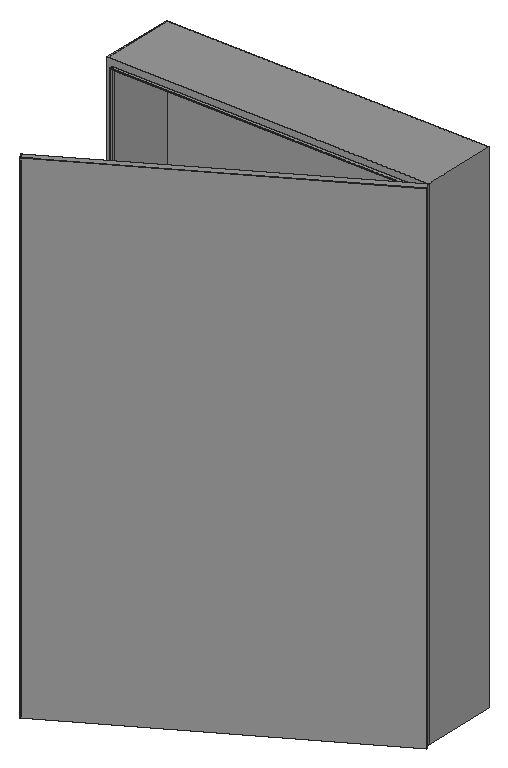
Revit family "Hager-Univers-IP54-D205-H1250-Cl.II-Encl-NoHosted-DE-de", category Equipement électrique, Revit 2020
Family settings
  Configuration du panneau = Deux colonnes, circuits au sein
  Cote de connecteur circulaire = Utiliser le diamètre
  Type d'élément = Tableau de raccordement
  Basée sur le plan de construction = Oui
  Toujours verticalement = Oui
  Couper avec des vides une fois chargée = Non
  Partagée = Non
  Point de calcul de pièce = Non
Parameters (values of type "Aufputz IP54 B800 H1250 T205  - FP83SW2")
  Width Control [instance] = if([EF000008 - Breite] > Min Width, [EF000008 - Breite], Min Width)  # 800 mm
  Commentaires du type = [HG000003 - Bereich]  # "Univers"
  Thickness Door [instance] = if([EF009171 - Materialstärke Tür/Deckel] > 3 mm, 3 mm, [EF009171 - Materialstärke Tür/Deckel])  # 1 mm
  Seal Frame Offset [instance] = 17 mm  # constant formula
  Plinth Visibility [instance] = [HG000027 - Sockelhöhe] > 0 mm  # no
  Min Width [instance] = 100 mm  # constant formula
  Min Depth [instance] = (2 * [EF009170 - Materialstärke Gehäuse]) + 1 mm  # 3 mm
  Min Height [instance] = 100 mm  # constant formula
  Internal Frame Depth [instance] = (Door System Depth * 0.5)  # 9 mm
  Panel Name [instance] = ""  # (empty or 0)
  Model = ""
  HG000027 - Sockelhöhe = 0 mm
  HG000026 - Stehend auf dem Boden = no
  HG000024 - Höhe des unteren Teils = 600 mm
  HG000023 - Gehäuse mit doppeltem Querschnitt = no
  HG000016 - 3D-Türsichtbarkeit [instance] = yes
  HG000015 - Sichtbarkeit der Türöffnung [instance] = no
  HG000014 - Tür rechts [instance] = yes
  HG000013 - Tür links [instance] = not([HG000014 - Tür rechts])  # no
  HG000012 - Türschwenkwinkel [instance] = 30.00°
  HG000010 - Asymmetrische Türen = no
  HG000009 - Doppelflügeligen Tür = no
  HG000006 - Unterputz = no
  HG000004 - Herstellerreferenz = "FP83SW2"
  HG000003 - Bereich = "Univers"
  HG000002 - Mit tür = yes
  Frame Offset Bottom [instance] = 10 mm  # constant formula
  Frame Offset [instance] = 15 mm  # constant formula
  EF015940 - Deckel mit Überdruckentlastung = no
  EF011959 - Schutzart (NEMA) = ""
  EF009554 - Anzahl der Öffnungen für Flanschplatten = 6
  EF009212 - Ausführung Deckel = "EV000116 - geschlossen"
  EF009171 - Materialstärke Tür/Deckel = 1 mm
  EF009170 - Materialstärke Gehäuse = 1 mm
  EF008873 - Nennstrom (In) = 250 A
  EF007800 - Geeignet für Blitzschutz = no
  EF006306 - Mit Schloss = no
  EF006244 - Transparenter Deckel/Tür = no
  EF005474 - Schutzart (IP) = "EV006419 - IP54"
  EF004464 - Art der Tür = "EV002646 - Einzel"
  EF004427 - Anzahl der Module = 288
  EF004293 - Schlagfestigkeit = "EV006813 - IK07"
  EF003532 - Geeignet für Außengebrauch = no
  EF002950 - Breite in Teilungseinheiten = 36
  EF001613 - Funktionserhalt = "EV000494 - ohne"
  EF001596 - Werkstoff des Gehäuses = "EV000179 - Stahl"
  EF001131 - Innentiefe = 130 mm
  EF001088 - Anbaumöglichkeit = yes
  EF000437 - Anzahl der Leitungseinführungen = 6
  EF000339 - Art der Abdeckung = "EV004216 - Tür"
  EF000266 - Anzahl der Reihen = 8
  EF000218 - Einbautiefe = 205 mm
  EF000118 - Mit Montageplatte = no
  EF000116 - RAL-Nummer = "9010"
  EF000049 - Tiefe = 205 mm
  EF000040 - Höhe = 1250 mm
  EF000008 - Breite = 800 mm
  EF000007 - Farbe = "EV000202 - weiß"
  EF000003 - Montageart = "EV000384 - Aufputz"
  Door System Leaf Tolerance [instance] = 1.5 mm  # constant formula
  Door System Depth [instance] = 18 mm  # constant formula
  Door Height [instance] = Height Control - [HG000027 - Sockelhöhe]  # 1250 mm
  Description = ""
  Default Elevation = 1219.2 mm
  Connector Offset [instance] = Height Control / 2  # 625 mm
  Fabricant = "Hager"  # constant formula
  Height Control [instance] = if([EF000040 - Höhe] > Min Height, [EF000040 - Höhe], Min Height)  # 1250 mm
  Depth Control [instance] = if([EF000049 - Tiefe] > Min Depth, [EF000049 - Tiefe], Min Depth)  # 205 mm
  Bottom Top Plate Trim [instance] = 1.5 mm  # constant formula
  Plinth height Ctrl [instance] = if([HG000027 - Sockelhöhe] > 0 mm, [HG000027 - Sockelhöhe], 12 mm)  # 12 mm
Types (5, lengths in mm): name | Width Control | HG000010 - Asymmetrische Türen | HG000009 - Doppelflügeligen Tür | HG000004 - Herstellerreferenz | EF009554 - Anzahl der Öffnungen für Flanschplatten | EF004464 - Art der Tür | EF004427 - Anzahl der Module | EF004293 - Schlagfestigkeit | EF002950 - Breite in Teilungseinheiten | EF000437 - Anzahl der Leitungseinführungen | EF000008 - Breite
  Aufputz IP54 B1050 H1250 T205  - FP84SW2 | 1050 | no | yes | "FP84SW2" | 8 | "EV003602 - Doppel" | 384 | "EV006815 - IK09" | 48 | 8 | 1050
  Aufputz IP54 B1300 H1250 T205  - FP85SW2 | 1300 | yes | yes | "FP85SW2" | 10 | "EV003602 - Doppel" | 480 | "EV006815 - IK09" | 60 | 10 | 1300
  Aufputz IP54 B300 H1250 T205  - FP81SW2 | 300 | no | no | "FP81SW2" | 2 | "EV002646 - Einzel" | 96 | "EV006815 - IK09" | 12 | 2 | 300
  Aufputz IP54 B550 H1250 T205  - FP82SW2 | 550 | no | no | "FP82SW2" | 4 | "EV002646 - Einzel" | 192 | "EV006815 - IK09" | 24 | 4 | 550
  Aufputz IP54 B800 H1250 T205  - FP83SW2 | 800 | no | no | "FP83SW2" | 6 | "EV002646 - Einzel" | 288 | "EV006813 - IK07" | 36 | 6 | 800
Reference planes
  plane 1 "Center (Front/Back)": y = 0
  plane 2: z = 0
  plane 3 "Center (Left/Right)": x = 0
  plane 4: y = 0
  plane 5: y = 0
  plane 6: z = 0
  plane 7: x = -400
  plane 8: x = 400
  plane 9: x = 399
  plane 10: x = -399
  plane 11: z = 0
  plane 12: z = 1
  plane 13: y = -205
  plane 14: y = -1
  plane 15: x = 0
  plane 16: y = -187
  plane 17: y = -204
  plane 18: y = -186
  plane 19: x = -384
  plane 20: x = 384
  plane 21: z = 11
  plane 22: x = -383
  plane 23: x = 383
  plane 24: z = 0
  plane 25: z = 1250
  plane 26: z = 1250
  plane 27: z = 1234
  plane 28: z = 1249
Forms (mm)
  Extrusion 1, solid, material "Hager_Steel_RAL7035_Light_Grey", detail levels medium+fine
    sketch origin (-208.679, -4572, 0) x (-1, 0, 0) y (0, -1, 0)
      loop
        line (191.321, -4385) -> (-608.679, -4385) -> (-608.679, -4572) -> (191.321, -4572) -> (191.321, -4385)
    from 0 to 1250
  Extrusion 2, void
    sketch origin (-350.771, -205, 1219.2) x (1, 0, 0) y (0, 0, 1)
      loop
        line (-48.229, 29.8) -> (-48.229, -1218.2) -> (749.771, -1218.2) -> (749.771, 29.8) -> (-48.229, 29.8)
    from -19 to -204
  Extrusion 3, void
    sketch origin (-290.084, -187, 1219.2) x (1, 0, 0) y (0, 0, 1)
      loop
        line (-93.916, -1208.2) -> (674.084, -1208.2) -> (674.084, 14.8) -> (-93.916, 14.8) -> (-93.916, -1208.2)
    from 0 to -1
  Extrusion 4, solid, material "Hager_Steel_RAL7035_Light_Grey", visible <- "Plinth Visibility", detail levels medium+fine
    sketch origin (0, 0, 0) x (1, 0, 0) y (0, 1, 0)
      loop
        line (-400, 0) -> (-400, -187) -> (400, -187) -> (400, 0) -> (-400, 0)
    from 0 to 12 <- "Plinth height Ctrl"
  Extrusion 5, solid, material "Hager_Steel_RAL7035_Light_Grey", detail levels coarse
    sketch origin (0, 0, 0) x (1, 0, 0) y (0, 1, 0)
      loop
        line (-400, 0) -> (-400, -205) -> (400, -205) -> (400, 0) -> (-400, 0)
    from 0 to 1250 <- "Height Control"
  Sweep 6, void
    path in 3D
      loop
        line (-400, -187, 12) -> (400, -187, 12) -> (400, 0, 12) -> (-400, 0, 12) -> (-400, -187, 12)
    profile origin (-400, -93.5, 12) x (1, 0, 0) y (0, 0, 1)
      loop
        line (0, 0) -> (0, -1.5) -> (1.5, -1.5)
        arc (1.5, -1.5) -> (1.061, -0.439) -> (0, 0) r 1.5
  Extrusion 7, solid, material "Hager_Steel_RAL7035_Light_Grey", detail levels fine
    sketch origin (-400, -187, 0) x (1, 0, 0) y (0, 0, 1)
      loop
        line (16, 11) -> (784, 11) -> (784, 1234) -> (16, 1234) -> (16, 11)
      loop
        line (15, 10) -> (785, 10) -> (785, 1235) -> (15, 1235) -> (15, 10)
    from 0 to 9 <- "Internal Frame Depth"
Cuts and joins
  Extrusion 2, Extrusion 3 cuts Extrusion 1
  Sweep 6 cuts Extrusion 4
Lines and regions (mm)
  Masking region 1
    outline origin (0, 0, 0) x (1, 0, 0) y (0, 1, 0)
      loop
        line (-400, 0) -> (-400, -205) -> (400, -205) -> (400, 0) -> (-400, 0)
  Masking region 2, detail levels coarse
    outline origin (-290.084, -187, 1219.2) x (-1, 0, 0) y (0, 0, 1)
      loop
        line (-690.084, -1219.2) -> (109.916, -1219.2) -> (109.916, 30.8) -> (-690.084, 30.8) -> (-690.084, -1219.2)
  Masking region 3, detail levels coarse
    outline origin (0, 0, 0) x (0, 1, 0) y (0, 0, 1)
      loop
        line (0, 0) -> (0, 1250) -> (-205, 1250) -> (-205, 0) -> (0, 0)
  Masking region 4, visible <- "Plinth Visibility", detail levels medium+fine
    outline origin (0, 0, 0) x (0, 1, 0) y (0, 0, 1)
      loop
        line (-1.5, 12) -> (-185.5, 12)
        arc (-185.5, 12) -> (-185.939, 10.939) -> (-187, 10.5) r 1.5
        line (-187, 10.5) -> (-187, 0) -> (0, 0) -> (0, 10.5)
        arc (0, 10.5) -> (-1.061, 10.939) -> (-1.5, 12) r 1.5
  Masking region 5, detail levels medium+fine
    outline origin (0, 0, 594.038) x (0, 1, 0) y (0, 0, 1)
      loop
        line (0, -594.038) -> (0, 655.962) -> (-187, 655.962) -> (-187, -594.038) -> (0, -594.038)
  Masking region 6, detail levels medium+fine
    outline origin (-359.7, -187, 1211.883) x (-1, 0, 0) y (0, 0, 1)
      loop
        line (-759.7, -1211.883) -> (40.3, -1211.883) -> (40.3, 38.117) -> (-759.7, 38.117) -> (-759.7, -1211.883)
  Masking region 7, visible <- "Plinth Visibility", detail levels medium+fine
    outline origin (-320.334, -187, 1041.368) x (-1, 0, 0) y (0, 0, 1)
      loop
        line (-720.334, -1041.368) -> (79.666, -1041.368) -> (79.666, -1030.868)
        arc (79.666, -1030.868) -> (78.606, -1030.429) -> (78.166, -1029.368) r 1.5
        line (78.166, -1029.368) -> (-718.834, -1029.368)
        arc (-718.834, -1029.368) -> (-719.273, -1030.429) -> (-720.334, -1030.868) r 1.5
        line (-720.334, -1030.868) -> (-720.334, -1041.368)
  sketch lines
    curve 1: line (-400, 0, 12) -> (-400, -187, 12)
    curve 2: line (-400, -187, 12) -> (400, -187, 12)
    curve 3: line (400, 0, 12) -> (-400, 0, 12)
    curve 4: line (400, -187, 12) -> (400, 0, 12)
Dimensions and locks
  locked: plane 1 "Center (Front/Back)" to plane 5
  "EF009170 - Materialstärke Gehäuse": plane 7 to plane 10
  "EF009170 - Materialstärke Gehäuse": plane 8 to plane 9
  equal spacing: plane 7, plane 3 "Center (Left/Right)", plane 8
  "Width Control": plane 7 to plane 8
  "Depth Control": plane 4 to plane 13
  "EF009170 - Materialstärke Gehäuse": plane 4 to plane 14
  "Height Control": plane 25 to level
  "HG000027 - Sockelhöhe": plane 11 to level
  "EF009170 - Materialstärke Gehäuse": plane 12 to plane 11
  "EF009170 - Materialstärke Gehäuse": plane 17 to plane 13
  "EF009170 - Materialstärke Gehäuse": plane 18 to plane 16
  "Frame Offset Bottom": plane 21 to plane 12
  "Frame Offset": plane 10 to plane 19
  "Frame Offset": plane 9 to plane 20
  "Door System Depth": plane 16 to plane 13
  "Seal Frame Offset": plane 7 to plane 22
  "Seal Frame Offset": plane 8 to plane 23
  "EF009170 - Materialstärke Gehäuse": plane 26 to plane 28
  "Frame Offset": plane 28 to plane 27
  "Connector Offset": plane 2 to connector elem
  "Bottom Top Plate Trim": profile plane to Sweep 6 sketch curve
  "Bottom Top Plate Trim": Sweep 6 sketch curve to Sweep 6 sketch curve
  "Plinth height Ctrl": Masking region 4 sketch curve to level
  "Plinth height Ctrl": Masking region 7 sketch curve to level
  "Thickness Door": Extrusion 7 sketch curve to Extrusion 7 sketch curve  (x4)
  "Bottom Top Plate Trim": radius of Sweep 6 sketch curve
  "Bottom Top Plate Trim": radius of Masking region 4 sketch curve  (x2)
  "Bottom Top Plate Trim": radius of Masking region 7 sketch curve  (x2)
  aligned and locked: Extrusion 2 sketch curve to plane 12
  aligned and locked: Extrusion 2 sketch curve to plane 9
  aligned and locked: Extrusion 2 sketch curve to plane 10
  aligned and locked: Extrusion 2 to plane 14
  aligned and locked: Extrusion 1 sketch curve to plane 4
  aligned and locked: plane 8 to Extrusion 1 sketch curve
  aligned and locked: plane 7 to Extrusion 1 sketch curve
  aligned and locked: Extrusion 2 to plane 18
  aligned and locked: Extrusion 3 sketch curve to plane 19
  aligned and locked: plane 20 to Extrusion 3 sketch curve
  aligned and locked: Extrusion 3 to Extrusion 2
  aligned and locked: Extrusion 3 sketch curve to plane 21
  aligned and locked: plane 3 "Center (Left/Right)" to nested 1
  aligned and locked: Extrusion 1 sketch curve to plane 16
  aligned and locked: Extrusion 4 sketch curve to cut or joined group of Extrusion 1, Extrusion 2, Extrusion 3
  aligned and locked: Masking region 1 sketch curve to plane 7
  aligned and locked: Masking region 1 sketch curve to plane 5
  aligned and locked: Masking region 1 sketch curve to plane 8
  aligned and locked: Masking region 2 sketch curve to level
  aligned and locked: level to Masking region 3 sketch curve
  aligned and locked: plane 1 "Center (Front/Back)" to Masking region 3 sketch curve
  aligned and locked: plane 13 to Masking region 3 sketch curve
  aligned and locked: plane 5 to Masking region 4 sketch curve
  aligned and locked: Masking region 2 sketch curve to plane 8
  aligned and locked: Masking region 2 sketch curve to plane 7
  aligned and locked: plane 7 to nested 2
  aligned and locked: nested 2 to plane 5
  aligned and locked: plane 5 to Masking region 5 sketch curve
  aligned and locked: plane 26 to Masking region 5 sketch curve
  aligned and locked: Extrusion 5 sketch curve to plane 8
  aligned and locked: Extrusion 5 sketch curve to plane 7
  aligned and locked: Extrusion 5 sketch curve to plane 5
  aligned and locked: Extrusion 3 sketch curve to plane 27
  aligned and locked: Extrusion 2 sketch curve to plane 28
  aligned and locked: Masking region 2 to plane 25
  aligned and locked: Extrusion 4 to plane 16
  aligned and locked: profile plane to Sweep 6 sketch curve
  aligned and locked: Masking region 5 sketch curve to plane 24
  aligned and locked: level to Masking region 4 sketch curve
  aligned and locked: Masking region 1 to plane 13
  aligned and locked: nested 1 to plane 16
  aligned and locked: Masking region 3 to plane 25
  aligned and locked: plane 16 to Masking region 4 sketch curve
  aligned and locked: Masking region 5 sketch curve to plane 16
  aligned and locked: plane 24 to plane 11
  aligned and locked: plane 26 to plane 25
  aligned and locked: plane 26 to cut or joined group of Extrusion 1, Extrusion 2, Extrusion 3
  aligned and locked: nested 1 to plane 24
  aligned and locked: Extrusion 1 to Extrusion 3
  aligned and locked: Masking region 6 sketch curve to plane 8
  aligned and locked: Masking region 6 sketch curve to plane 24
  aligned and locked: Masking region 6 sketch curve to plane 7
  aligned and locked: Masking region 6 sketch curve to plane 26
  aligned and locked: Masking region 7 sketch curve to plane 7
  aligned and locked: level to Masking region 7 sketch curve
  aligned and locked: Masking region 7 sketch curve to plane 8
  aligned and locked: Extrusion 7 sketch curve to cut or joined group of Extrusion 1, Extrusion 2, Extrusion 3  (x4)
Automatic sketch dimensions
  plane 19 to Extrusion 3 sketch curve = 0 mm
  Extrusion 3 sketch curve to plane 20 = 0 mm
  Extrusion 3 sketch curve to plane 21 = 0 mm
  Extrusion 4 sketch curve to plane 7 = 0 mm
  Extrusion 4 sketch curve to plane 8 = 0 mm
  Extrusion 4 sketch curve to plane 16 = 0 mm
  Masking region 1 sketch curve to plane 13 = 0 mm
  Masking region 2 sketch curve to plane 25 = 0 mm
  Masking region 3 sketch curve to plane 25 = 0 mm
  Extrusion 5 sketch curve to plane 13 = 0 mm
  profile plane to Sweep 6 sketch curve = 0 mm
Nested families
  nested 1: "EC000058_Univers_Door" at (0, -187, 0), Double <- "HG000009 - Doppelflügeligen Tür", Transparent <- "EF006244 - Transparenter Deckel/Tür", Angle <- "HG000012 - Türschwenkwinkel", Door_Right <- "HG000014 - Tür rechts", Assymetrical <- "HG000010 - Asymmetrische Türen", Door <- "HG000002 - Mit tür", Width_Ctrl <- "Width Control", 3d_Door <- "HG000016 - 3D-Türsichtbarkeit", Clearance <- "HG000015 - Sichtbarkeit der Türöffnung", Door_Left <- "HG000013 - Tür links", Width <- "Width Control", Door_Depth <- "Door System Depth", Leaf_Tolerance <- "Door System Leaf Tolerance", Height <- "Door Height", Lock_Visibility <- "EF006306 - Mit Schloss", Thickness <- "Thickness Door", type "EC000058_Univers_Door", detail levels medium+fine
    with min_wh 3 mm, Width_Ctrl 800 mm, Width 800 mm, Transparent no, Thickness 1 mm, Seal_Material Hager_Rubber, Lock_Visibility no, Lock_Material Hager_Plastic_RAL9005_Jet_Black, Leaf_Width 800 mm, Leaf_Tolerance_External_Sides 0 mm, Leaf_Tolerance 1.5 mm, Leaf_Offset 0 mm, Leaf_Height 1247 mm, Leaf_2_Width 800 mm, Leaf_2_Offset 400 mm, Leaf_1_Width 800 mm, Leaf_1_Offset 400 mm, Height_Ctrl 1250 mm, Height 1250 mm, Glass_Material Hager_Glass, Double_Clearance_Ctrl no, Double no, Door_Right_Ctrl yes, Door_Right yes, Door_Material Hager_Steel_RAL7035_Light_Grey, Door_Left_Ctrl no, Door_Left no, Door_Depth 18 mm, Door yes, Clearance_Material Hager_Clearance, Clearance_Depth 800 mm, Clearance_Ctrl no, Clearance no, Assymetrical no, Angle 30.00°, 3d_Door yes
  nested 2: "Hager_Enclosure_Symbol" at (-400, 0, 0), Height <- "Depth Control", Width <- "Width Control", type "Hager_Enclosure_Symbol"
    with Width_Ctrl 800 mm, Width 800 mm, Height_Ctrl 205 mm, Height 205 mm, A_Width_Int 13.453 mm, A_Width 161.438 mm, A_Height_Ctrl 179.375 mm, A_Height 179.375 mm
Connectors
  electrical at (0, 0, 625)
    settings: on plane 1 "Center (Front/Back)", index 1, voltage 0 V, apparent load 0 VA, apparent load phase1 0 VA, apparent load phase2 0 VA, apparent load phase3 0 VA, power factor 1, load classification "Other", number of poles 1, system type 30, power factor state 1, is connector primary yes, connector utility no, sub classification motor no, connector description ""
Definition of nested family "EC000058_Univers_Door"
  Parameters (values of type "EC000058_Univers_Door")
    min_wh [instance] = (2 * Thickness) + 1 mm  # 11 mm
    Width_Ctrl [instance] = 400 mm
    Width [instance] = 500 mm
    Transparent [instance] = yes
    Thickness [instance] = 5 mm
    Seal_Material [instance] = none
    Lock_Visibility [instance] = yes
    Lock_Material [instance] = none
    Leaf_Width [instance] = if((Width_Ctrl - 2 * Leaf_Tolerance_External_Sides) > 0 mm, (Width_Ctrl - 2 * Leaf_Tolerance_External_Sides), min_wh)  # 400 mm
    Leaf_Tolerance_External_Sides [instance] = 0 mm  # constant formula
    Leaf_Tolerance [instance] = 1.5 mm
    Leaf_Offset [instance] = 0 mm  # constant formula
    Leaf_Height [instance] = if((Height_Ctrl - 2 * Leaf_Tolerance) > 0 mm, (Height_Ctrl - 2 * Leaf_Tolerance), min_wh)  # 497 mm
    Leaf_2_Width [instance] = if(and(and(Double, Assymetrical), Door_Left), (Leaf_Width / 3) - (Leaf_Tolerance / 2), if(and(and(Double, Assymetrical), Door_Right), (Leaf_Width / 3) * 2 - (Leaf_Tolerance / 2), if(and(Double, not(Assymetrical)), (Leaf_Width / 2) - Leaf_Tolerance, Leaf_Width)))  # 400 mm
    Leaf_2_Offset [instance] = if(and(Double, Assymetrical), Leaf_2_Width / 2, if(and(Double, not(Assymetrical)), Leaf_Width / 4, Leaf_Width / 2))  # 200 mm
    Leaf_1_Width [instance] = if(and(and(Double, Assymetrical), Door_Right), (Leaf_Width / 3) - (Leaf_Tolerance / 2), if(and(and(Double, Assymetrical), Door_Left), (Width / 3) * 2 - (Leaf_Tolerance / 2), if(and(Double, not(Assymetrical)), (Leaf_Width / 2) - Leaf_Tolerance, Leaf_Width)))  # 400 mm
    Leaf_1_Offset [instance] = if(and(Double, Assymetrical), Leaf_1_Width / 2, if(and(Double, not(Assymetrical)), Leaf_Width / 4, Leaf_Width / 2))  # 200 mm
    Height_Ctrl [instance] = if(Height > min_wh, Height, min_wh)  # 500 mm
    Height [instance] = 500 mm
    Glass_Material [instance] = none
    Double_Clearance_Ctrl [instance] = and(Double, Clearance)  # no
    Double [instance] = no
    Door_Right_Ctrl [instance] = and(or(Door_Right, Double), Door)  # yes
    Door_Right [instance] = yes
    Door_Material [instance] = none
    Door_Left_Ctrl [instance] = and(or(Door_Left, Double), Door)  # no
    Door_Left [instance] = no
    Door_Depth [instance] = 30 mm
    Door [instance] = yes
    Default Elevation = 1219.2 mm
    Clearance_Material [instance] = none
    Clearance_Depth [instance] = if(Leaf_1_Width > Leaf_2_Width, Leaf_1_Width, Leaf_2_Width)  # 400 mm
    Clearance_Ctrl [instance] = and(not(Double), Clearance)  # yes
    Clearance [instance] = yes
    Assymetrical [instance] = yes
    Angle [instance] = 30.00°
    3d_Door [instance] = yes
  Reference planes
    plane 1 "Center (Front/Back)": y = 0
    plane 2 "Bottom": z = 0
    plane 3 "Center (Left/Right)": x = 0
    plane 4: z = 500
    plane 5: x = -200
    plane 6: x = 200
    plane 7: z = 500
    plane 8: x = -200
    plane 9: z = 0
    plane 10: x = 200
    plane 11: y = 0
    plane 12: z = 1.5
    plane 13: x = -600
    plane 14: y = -400
    plane 15: x = 600
    plane 16: x = 0
    plane 17: x = 0
    plane 18: x = -200
    plane 19: x = 200
    plane 20: z = 498.5
  Forms (mm)
    Extrusion 1, solid, material <- "Clearance_Material", visible <- "Double_Clearance_Ctrl"
      sketch origin (1200, 0, 0) x (1, 0, 0) y (0, 0, -1)
        loop
          line (-1800, -498.5) -> (-600, -498.5) -> (-600, 0) -> (-1800, 0) -> (-1800, -498.5)
      from 0 to -400
  Dimensions and locks
    equal spacing: plane 5, plane 3 "Center (Left/Right)", plane 6
    "Width_Ctrl": plane 5 to plane 6
    "Leaf_Offset": plane 5 to plane 8
    "Leaf_Offset": plane 6 to plane 10
    "Leaf_Offset": plane 9 to level
    "Leaf_Offset": plane 4 to plane 7
    "Height_Ctrl": plane 4 to level
    "Leaf_Tolerance": plane 12 to plane 9
    locked: plane 11 to plane 1 "Center (Front/Back)"
    "Leaf_1_Offset": plane 18 to plane 16
    "Leaf_2_Offset": plane 17 to plane 19
    "Leaf_1_Width": plane 13 to plane 8
    "Leaf_2_Width": plane 10 to plane 15
    "Clearance_Depth": plane 14 to plane 1 "Center (Front/Back)"
    "Leaf_Tolerance_External_Sides": plane 8 to plane 18
    "Leaf_Tolerance_External_Sides": plane 19 to plane 10
    "Leaf_Tolerance": plane 7 to plane 20
    aligned and locked: level to plane 2 "Bottom"
    aligned and locked: nested 1 to plane 16
    aligned and locked: nested 2 to plane 17
    aligned and locked: Extrusion 1 to plane 13
    aligned and locked: plane 15 to Extrusion 1
    aligned and locked: Extrusion 1 to plane 14
    aligned and locked: plane 12 to nested 1
    aligned and locked: nested 2 to plane 12
    aligned and locked: Extrusion 1 to plane 11
    aligned and locked: plane 20 to Extrusion 1
    aligned and locked: nested 2 to plane 11
    aligned and locked: nested 1 to plane 11
  Automatic sketch dimensions
    Extrusion 1 sketch curve to level = 0 mm
    plane 5 to Extrusion 1 sketch curve = 400 mm
    plane 6 to Extrusion 1 sketch curve = 400 mm
    Extrusion 1 sketch curve to plane 4 = 1.5 mm
  Nested families
    nested 1: "EC000058_Univers_Door_Leaf" at (0, 0, 1.5), Width <- "Leaf_1_Width", visible <- "Door_Left_Ctrl", Leaf_Height <- "Leaf_Height", Angle <- "Angle", 3d_Door <- "3d_Door", Transparent <- "Transparent", Clearance Material <- "Clearance_Material", Clearance <- "Clearance_Ctrl", Door_Material <- "Door_Material", Glass_Material <- "Glass_Material", Door_Depth <- "Door_Depth", Lock_Material <- "Lock_Material", Seal_Material <- "Seal_Material", Lock_Visibility <- "Lock_Visibility", Thickness <- "Thickness", type "EC000058_Univers_Door_Leaf"
      with Width 400 mm, Transparent_Glass_Offset 30 mm, Transparent_Ctrl yes, Transparent yes, Thickness 5 mm, Standard no, Seal_Material none, Seal_D2 8 mm, Seal_D1 1 mm, Offset_Internal_Frame 10 mm, Lock_Width 20 mm, Lock_Visibility_3d yes, Lock_Visibility yes, Lock_Thickness_3 3 mm, Lock_Thickness_2 1 mm, Lock_Thickness_1 3 mm, Lock_Radius_Offset_2 16 mm, Lock_Radius_Offset_1 15 mm, Lock_Radius_2 5 mm, Lock_Radius 6 mm, Lock_Offset 5 mm, Lock_Material none, Lock_Height 80 mm, Lock_Cover_Top_Offset_2d 17 mm, Lock_Cover_Height -65 mm, Leaf_Height 497 mm, Internal_Seal_Thickness 8 mm, Internal_Seal_Depth_2 4.5 mm, Internal_Frame_Depth 25 mm, Glass_Thickness -1 mm, Glass_Offset -2 mm, Glass_Material none, Door_Material none, Door_Depth 30 mm, Clearance Material none, Clearance yes, Angle_Ctrl 30.00°, Angle 30.00°, 3d_Door yes
    nested 2: "EC000058_Univers_Door_Leaf" at (0, 0, 1.5) x (-1, 0, 0) z (0, 0, 1), Width <- "Leaf_2_Width", visible <- "Door_Right_Ctrl", Leaf_Height <- "Leaf_Height", Angle <- "Angle", 3d_Door <- "3d_Door", Transparent <- "Transparent", Clearance Material <- "Clearance_Material", Clearance <- "Clearance_Ctrl", Door_Material <- "Door_Material", Glass_Material <- "Glass_Material", Door_Depth <- "Door_Depth", Lock_Material <- "Lock_Material", Seal_Material <- "Seal_Material", Lock_Visibility <- "Lock_Visibility", Thickness <- "Thickness", type "EC000058_Univers_Door_Leaf"
      with Width 400 mm, Transparent_Glass_Offset 30 mm, Transparent_Ctrl yes, Transparent yes, Thickness 5 mm, Standard no, Seal_Material none, Seal_D2 8 mm, Seal_D1 1 mm, Offset_Internal_Frame 10 mm, Lock_Width 20 mm, Lock_Visibility_3d yes, Lock_Visibility yes, Lock_Thickness_3 3 mm, Lock_Thickness_2 1 mm, Lock_Thickness_1 3 mm, Lock_Radius_Offset_2 16 mm, Lock_Radius_Offset_1 15 mm, Lock_Radius_2 5 mm, Lock_Radius 6 mm, Lock_Offset 5 mm, Lock_Material none, Lock_Height 80 mm, Lock_Cover_Top_Offset_2d 17 mm, Lock_Cover_Height -65 mm, Leaf_Height 497 mm, Internal_Seal_Thickness 8 mm, Internal_Seal_Depth_2 4.5 mm, Internal_Frame_Depth 25 mm, Glass_Thickness -1 mm, Glass_Offset -2 mm, Glass_Material none, Door_Material none, Door_Depth 30 mm, Clearance Material none, Clearance yes, Angle_Ctrl 30.00°, Angle 30.00°, 3d_Door yes
  Definition of nested family "EC000058_Univers_Door_Leaf"
    Parameters (values of type "EC000058_Univers_Door_Leaf")
      Width [instance] = 2000 mm
      Transparent_Glass_Offset [instance] = 30 mm
      Transparent_Ctrl [instance] = and(Transparent, [3d_Door])  # yes
      Transparent [instance] = yes
      Thickness [instance] = 5 mm
      Standard [instance] = and(not(Transparent), [3d_Door])  # no
      Seal_Material [instance] = none
      Seal_D2 [instance] = 8 mm  # constant formula
      Seal_D1 [instance] = 1 mm  # constant formula
      Offset_Internal_Frame [instance] = 10 mm  # constant formula
      Lock_Width [instance] = 20 mm  # constant formula
      Lock_Visibility_3d [instance] = and(Lock_Visibility, [3d_Door])  # yes
      Lock_Visibility [instance] = yes
      Lock_Thickness_3 [instance] = 3 mm  # constant formula
      Lock_Thickness_2 [instance] = 1 mm  # constant formula
      Lock_Thickness_1 [instance] = 3 mm  # constant formula
      Lock_Radius_Offset_2 [instance] = Lock_Radius_Offset_1 + 1 mm  # 16 mm
      Lock_Radius_Offset_1 [instance] = 15 mm  # constant formula
      Lock_Radius_2 [instance] = Lock_Radius - 1 mm  # 5 mm
      Lock_Radius [instance] = 6 mm  # constant formula
      Lock_Offset [instance] = 5 mm  # constant formula
      Lock_Material [instance] = none
      Lock_Height [instance] = 80 mm  # constant formula
      Lock_Cover_Top_Offset_2d [instance] = Lock_Radius_Offset_2 + 1 mm  # 17 mm
      Lock_Cover_Height [instance] = -(Lock_Height - Lock_Radius_Offset_1)  # -65 mm
      Leaf_Height [instance] = 2720.336 mm
      Internal_Seal_Thickness [instance] = 8 mm  # constant formula
      Internal_Seal_Depth_2 [instance] = 4.5 mm  # constant formula
      Internal_Frame_Depth [instance] = if(Door_Depth - Thickness > 5 mm, Door_Depth - Thickness, 5 mm)  # 25 mm
      Glass_Thickness [instance] = if(Thickness > 15 mm, Glass_Offset + 10 mm, -1 mm)  # -1 mm
      Glass_Offset [instance] = if(Thickness > 15 mm, -(Thickness + 10 mm) / 2, -2 mm)  # -2 mm
      Glass_Material [instance] = none
      Door_Material [instance] = none
      Door_Depth [instance] = 30 mm
      Default Elevation = 0 mm
      Clearance Material [instance] = none
      Clearance [instance] = yes
      Angle_Ctrl [instance] = if(Angle > 180.00°, 180.00°, Angle)  # 90.00°
      Angle [instance] = 90.00°
      3d_Door [instance] = yes
    Reference planes
      plane 1 "Center (Front/Back)": y = 0
      plane 2: z = 0
      plane 3 "Center (Left/Right)": x = 0
      plane 4: y = 2000
      plane 5: x = -1000
      plane 6: x = 1000
      plane 7: x = -3000
      plane 8: z = 2720.336
      plane 9: z = 30
      plane 10: z = 2690.336
      plane 11: x = 970
      plane 12: x = -970
      plane 13: y = -3
      plane 14: z = 107.833
      plane 15: y = -5
      plane 16: y = -223.314
      plane 17: x = -1000
      plane 18: z = 1360.168
      plane 19: y = 30
    Forms (mm)
      Extrusion 1, solid, material <- "Clearance Material", visible <- "Clearance"
        sketch origin (0, 0, 0) x (1, 0, 0) y (0, 0, 1)
          loop
            line (-3000, 2720.336) -> (-3000, 0) -> (1000, 0) -> (1000, 2720.336) -> (-3000, 2720.336)
        from 0 to -2000
      Extrusion 2, solid, material <- "Door_Material", visible <- "Standard", detail levels medium+fine
        sketch origin (-1000, 0, 0) x (0, 1, 0) y (-1, 0, 0)
          loop
            line (0, 30) -> (0, 25) -> (2000, 25) -> (2000, 30) -> (0, 30)
        from 0 to 2720.336 <- "Leaf_Height"
      Extrusion 3, solid, material <- "Door_Material", visible <- "Transparent_Ctrl", detail levels medium+fine
        sketch origin (-1000, 0, 0) x (0, 1, 0) y (-1, 0, 0)
          loop
            line (0, 25) -> (2000, 25) -> (2000, 30) -> (0, 30) -> (0, 25)
        from 0 to 2720.336 <- "Leaf_Height"
      Extrusion 4, void
        sketch origin (-1025, 2000, 0) x (0, 1, 0) y (0, 0, -1)
          loop
            line (-30, -2690.336) -> (-30, -30) -> (-1970, -30) -> (-1970, -2690.336) -> (-30, -2690.336)
        from 0 to 5 <- "Thickness"
      Sweep 5, solid, material <- "Seal_Material", visible <- "Transparent_Ctrl", detail levels fine
        path in 3D
          loop
            line (-1025, 30, 30) -> (-1025, 30, 2690.336) -> (-1025, 1970, 2690.336) -> (-1025, 1970, 30) -> (-1025, 30, 30)
        profile origin (-1025, 1000, 30) x (1, 0, 0) y (0, 0, 1)
          loop
            line (0, 0) -> (0, -8) -> (1, -8) -> (1, 0) -> (0, 0)
      Extrusion 6, solid, material <- "Glass_Material", visible <- "Transparent_Ctrl", detail levels medium+fine
        sketch origin (-1030, 0, 0) x (0, 1, 0) y (0, 0, -1)
          loop
            line (1970, -2690.336) -> (1970, -30) -> (30, -30) -> (30, -2690.336) -> (1970, -2690.336)
        from -2 <- "Glass_Offset" to -1 <- "Glass_Thickness"
      Extrusion 7, solid, material <- "Door_Material", visible <- "3d_Door", detail levels medium+fine
        sketch origin (-1025, 2000, 0) x (0, -1, 0) y (0, 0, -1)
          loop
            line (0, -2720.336) -> (2000, -2720.336) -> (2000, 0) -> (0, 0) -> (0, -2720.336)
          loop
            line (1995, -5) -> (5, -5) -> (5, -2715.336) -> (1995, -2715.336) -> (1995, -5)
        from 0 to 25 <- "Internal_Frame_Depth"
      Sweep 8, solid, material <- "Seal_Material", visible <- "Transparent_Ctrl", detail levels fine
        path in 3D
          loop
            line (-1025, 0, 0) -> (-1025, 2000, 0) -> (-1025, 2000, 2720.336) -> (-1025, 0, 2720.336) -> (-1025, 0, 0)
        profile origin (-1025, 0, 1360.168) x (1, 0, 0) y (0, 1, 0)
          loop
            line (0, 10) -> (2.975, 10)
            arc (2.975, 10) -> (4.053, 10.447) -> (4.5, 11.525) r 1.525
            line (4.5, 11.525) -> (4.5, 16.527)
            arc (4.5, 16.527) -> (4.069, 17.569) -> (3.027, 18) r 1.473
            line (3.027, 18) -> (0, 18) -> (0, 10)
      Extrusion 9, solid, material <- "Lock_Material", visible <- "Lock_Visibility_3d", detail levels fine
        sketch origin (-1030, 0, 0) x (0, 1, 0) y (0, 0, -1)
          loop
            arc (1993.5, -1400.168) -> (1994.561, -1399.729) -> (1995, -1398.668) r 1.5
            line (1995, -1398.668) -> (1995, -1320.168) -> (1975, -1320.168) -> (1975, -1398.668)
            arc (1975, -1398.668) -> (1975.439, -1399.729) -> (1976.5, -1400.168) r 1.5
            line (1976.5, -1400.168) -> (1993.5, -1400.168)
        from 3 <- "Lock_Thickness_1" to 0
      Blend 10, solid, material <- "Lock_Material", visible <- "Lock_Visibility_3d", detail levels fine
        base sketch origin (-1033, 0, 0) x (0, 1, 0) y (0, 0, -1)
          loop
            line (1975, -1320.168) -> (1975, -1398.668)
            arc (1975, -1398.668) -> (1975.439, -1399.729) -> (1976.5, -1400.168) r 1.5
            line (1976.5, -1400.168) -> (1993.5, -1400.168)
            arc (1993.5, -1400.168) -> (1994.561, -1399.729) -> (1995, -1398.668) r 1.5
            line (1995, -1398.668) -> (1995, -1320.168) -> (1975, -1320.168)
        top sketch origin (-1033, 0, 0) x (0, 1, 0) y (0, 0, -1)
          loop
            line (1976, -1320.168) -> (1976, -1398.668)
            arc (1976, -1398.668) -> (1976.146, -1399.022) -> (1976.5, -1399.168) r 0.5
            line (1976.5, -1399.168) -> (1993.5, -1399.168)
            arc (1993.5, -1399.168) -> (1993.854, -1399.022) -> (1994, -1398.668) r 0.5
            line (1994, -1398.668) -> (1994, -1320.168) -> (1976, -1320.168)
        from 0 to 1 <- "Lock_Thickness_2"
      Blend 11, solid, material <- "Lock_Material", visible <- "Lock_Visibility_3d", detail levels fine
        base sketch origin (-1034, 0, 0) x (0, 1, 0) y (0, 0, -1)
          loop
            line (1978, -1320.168) -> (1978, -1384.168)
            arc (1978, -1384.168) -> (1985, -1391.168) -> (1992, -1384.168) r 7
            line (1992, -1384.168) -> (1992, -1320.168) -> (1978, -1320.168)
        top sketch origin (-1034, 0, 0) x (0, 1, 0) y (0, 0, -1)
          loop
            line (1991, -1320.168) -> (1979, -1320.168) -> (1979, -1383.168)
            arc (1979, -1383.168) -> (1985, -1389.168) -> (1991, -1383.168) r 6
            line (1991, -1383.168) -> (1991, -1320.168)
        from 0 to 3 <- "Lock_Thickness_3"
      Extrusion 12, solid, material <- "Lock_Material", visible <- "Lock_Visibility_3d", detail levels fine
        sketch origin (-1030, 1975, 1320.168) x (1, 0, 0) y (0, -1, 0)
          loop
            line (-7, -19) -> (-7, -1) -> (0, -1) -> (0, 0) -> (-8, 0) -> (-8, -20) -> (0, -20) -> (0, -19) -> (-7, -19)
        from 0 to -65 <- "Lock_Cover_Height"
      Extrusion 13, void
        sketch origin (-1038, 1995, 1320.168) x (-1, 0, 0) y (0, 0, -1)
          loop
            line (-5, -65) -> (0, -65) -> (-5, -60) -> (-5, -65)
        from 0 to 20 <- "Lock_Width"
      Extrusion 14, void
        sketch origin (-1038, 1975, 1320.168) x (0, -1, 0) y (0, 0, -1)
          loop
            circle (-10, -15.995) r 6
          loop
            circle (-10, -15.995) r 5
        from 0 to 2
      Extrusion 15, solid, material <- "Lock_Material", visible <- "Lock_Visibility_3d", detail levels medium
        sketch origin (-1030, 0, 0) x (0, 1, 0) y (0, 0, -1)
          loop
            arc (1993.5, -1400.168) -> (1994.561, -1399.729) -> (1995, -1398.668) r 1.5
            line (1995, -1398.668) -> (1995, -1320.168) -> (1975, -1320.168) -> (1975, -1398.668)
            arc (1975, -1398.668) -> (1975.439, -1399.729) -> (1976.5, -1400.168) r 1.5
            line (1976.5, -1400.168) -> (1993.5, -1400.168)
        from 8 to 0
    Cuts and joins
      Extrusion 4 cuts Extrusion 3
      Extrusion 13, Extrusion 14 cuts Extrusion 9
      Extrusion 14 cuts Blend 11
      Extrusion 13, Extrusion 14 cuts Extrusion 12
      joined: Extrusion 9, Blend 10, Blend 11, Extrusion 12
      Extrusion 14 cuts Extrusion 15
    Lines and regions (mm)
      Masking region 1, visible <- "Lock_Visibility", detail levels fine
        outline origin (0, 0, 0) x (0, 1, 0) y (0, 0, 1)
          loop
            line (30, 1320.168) -> (33, 1320.168) -> (33, 1400.168) -> (30, 1400.168) -> (30, 1320.168)
      Masking region 2, visible <- "Lock_Visibility", detail levels fine
        outline origin (0, 3.143, 0) x (0, 1, 0) y (0, 0, 1)
          loop
            line (29.857, 1354.168) -> (30.857, 1354.168) -> (30.857, 1366.168) -> (29.857, 1366.168) -> (29.857, 1354.168)
      Masking region 3, detail levels medium+fine
        outline origin (0, 0, 0) x (0, 1, 0) y (0, 0, 1)
          loop
            line (0, 0) -> (30, 0) -> (30, 2720.336) -> (0, 2720.336) -> (0, 0)
      Masking region 4, detail levels medium+fine
        outline origin (0, 0, 0) x (1, 0, 0) y (0, 0, 1)
          loop
            line (-1000, 2720.336) -> (-1000, 0) -> (1000, 0) -> (1000, 2720.336) -> (-1000, 2720.336)
      Masking region 5, visible <- "Lock_Visibility", detail levels fine
        outline origin (-47.116, 0, 0) x (1, 0, 0) y (0, 0, 1)
          loop
            arc (1024.616, 1399.168) -> (1023.556, 1398.729) -> (1023.116, 1397.668) r 1.5
            line (1023.116, 1397.668) -> (1023.116, 1320.168) -> (1041.116, 1320.168) -> (1041.116, 1397.668)
            arc (1041.116, 1397.668) -> (1040.677, 1398.729) -> (1039.616, 1399.168) r 1.5
            line (1039.616, 1399.168) -> (1024.616, 1399.168)
      Masking region 6, visible <- "Lock_Visibility", detail levels medium+fine
        outline origin (-25, 0, 0) x (1, 0, 0) y (0, 0, 1)
          loop
            arc (1001.5, 1400.168) -> (1000.439, 1399.729) -> (1000, 1398.668) r 1.5
            line (1000, 1398.668) -> (1000, 1320.168) -> (1020, 1320.168) -> (1020, 1398.668)
            arc (1020, 1398.668) -> (1019.561, 1399.729) -> (1018.5, 1400.168) r 1.5
            line (1018.5, 1400.168) -> (1001.5, 1400.168)
      Masking region 7, visible <- "Lock_Visibility", detail levels fine
        outline origin (-73.735, 0, 0) x (1, 0, 0) y (0, 0, 1)
          loop
            line (1051.735, 1382.168) -> (1065.735, 1382.168) -> (1065.735, 1384.168)
            arc (1065.735, 1384.168) -> (1058.735, 1391.168) -> (1051.735, 1384.168) r 7
            line (1051.735, 1384.168) -> (1051.735, 1382.168)
      Masking region 8, visible <- "Lock_Visibility", detail levels fine
        outline origin (-73.735, 0, 0) x (1, 0, 0) y (0, 0, 1)
          loop
            line (1052.735, 1382.168) -> (1064.735, 1382.168) -> (1064.735, 1383.168)
            arc (1064.735, 1383.168) -> (1058.735, 1389.168) -> (1052.735, 1383.168) r 6
            line (1052.735, 1383.168) -> (1052.735, 1382.168)
      Masking region 9, visible <- "Lock_Visibility", detail levels fine
        outline origin (-25, 0, 0) x (1, 0, 0) y (0, 0, 1)
          loop
            line (1020, 1320.168) -> (1020, 1382.168) -> (1000, 1382.168) -> (1000, 1320.168) -> (1020, 1320.168)
      Masking region 10, detail levels medium+fine
        outline origin (0, 0, 0) x (1, 0, 0) y (0, 0, 1)
          loop
            circle (985, 1335.144) r 6
      Masking region 11, detail levels fine
        outline origin (0, 0, 0) x (1, 0, 0) y (0, 0, 1)
          loop
            circle (985, 1335.144) r 5
      Masking region 12, visible <- "Lock_Visibility", detail levels fine
        outline origin (0, 12.767, 0) x (0, 1, 0) y (0, 0, 1)
          loop
            line (20.233, 1320.168) -> (21.233, 1320.168) -> (21.233, 1399.168) -> (20.233, 1400.168) -> (20.233, 1320.168)
      Masking region 13, visible <- "Lock_Visibility", detail levels fine
        outline origin (0, 13.767, -10) x (0, 1, 0) y (0, 0, 1)
          loop
            line (20.233, 1330.168) -> (23.233, 1330.168) -> (23.233, 1399.168) -> (20.233, 1402.168) -> (20.233, 1330.168)
      Masking region 14, visible <- "Lock_Visibility", detail levels fine
        outline origin (0, 12.767, -10) x (0, 1, 0) y (0, 0, 1)
          loop
            line (20.233, 1330.168) -> (25.233, 1330.168) -> (25.233, 1399.305) -> (20.233, 1394.305) -> (20.233, 1330.168)
      Masking region 15, visible <- "Lock_Visibility", detail levels medium
        outline origin (0, 0, 0) x (0, 1, 0) y (0, 0, 1)
          loop
            line (30, 1320.168) -> (38, 1320.168) -> (38, 1400.168) -> (30, 1400.168) -> (30, 1320.168)
      Masking region 16, visible <- "Lock_Visibility", detail levels fine
        outline origin (-1000, 0, 0) x (0, 1, 0) y (-1, 0, 0)
          loop
            line (1975, 30) -> (1995, 30) -> (1995, 38) -> (1975, 38) -> (1975, 30)
          loop
            line (1979, 37) -> (1976, 37) -> (1976, 34) -> (1978, 34) -> (1979, 37)
          loop
            line (1994, 37) -> (1991, 37) -> (1992, 34) -> (1994, 34) -> (1994, 37)
      Masking region 17, visible <- "Lock_Visibility", detail levels medium
        outline origin (-1000, 0, 0) x (0, 1, 0) y (-1, 0, 0)
          loop
            line (1975, 30) -> (1995, 30) -> (1995, 38) -> (1975, 38) -> (1975, 30)
      symbolic lines
        curve 1: line (1000, 0, 0) -> (-3000, 0, 0)
        curve 2: arc (1000, 0, 0) -> (-1000, 2000, 0) -> (-3000, 0, 0) r 2000
        curve 4: line (-1030, 0, 0) -> (-1030, 2000, 0)
      reference lines
        curve 3: line (-1000, 0, 0) -> (-1000, 2000, 0)
      symbolic lines, detail levels medium+fine
        curve 5: line (-1030, 2000, 0) -> (-1025, 2000, 0)
        curve 7: line (-1025, 0, 0) -> (-1030, 0, 0)
        curve 8: line (-1025, 0, 0) -> (-1000, 0, 0)
        curve 9: line (-1000, 0, 0) -> (-1000, 2000, 0)
        curve 10: line (-1000, 2000, 0) -> (-1025, 2000, 0)
      symbolic lines, detail levels fine
        curve 6: line (-1025, 2000, 0) -> (-1025, 0, 0)
      sketch lines
        curve 11: line (-1025, 0, 2720.336) -> (-1025, 0, 0)
        curve 12: line (-1025, 2000, 0) -> (-1025, 0, 0)
        curve 13: line (-1025, 2000, 2720.336) -> (-1025, 2000, 0)
        curve 14: line (-1025, 0, 2720.336) -> (-1025, 2000, 2720.336)
        curve 15: line (-1025, 1970, 30) -> (-1025, 30, 30)
        curve 16: line (-1025, 30, 30) -> (-1025, 30, 2690.336)
        curve 17: line (-1025, 1970, 2690.336) -> (-1025, 1970, 30)
        curve 18: line (-1025, 30, 2690.336) -> (-1025, 1970, 2690.336)
      symbolic lines, visible <- "Transparent", detail levels medium+fine
        curve 19: line (-970, 0, 2690.336) -> (970, 0, 2690.336)
        curve 20: line (-970, 0, 30) -> (-970, 0, 2690.336)
        curve 21: line (970, 0, 30) -> (-970, 0, 30)
        curve 22: line (970, 0, 2690.336) -> (970, 0, 30)
    Dimensions and locks
      "Width": plane 1 "Center (Front/Back)" to plane 4
      equal spacing: plane 5, plane 3 "Center (Left/Right)", plane 6
      "Width": plane 5 to plane 6
      "Width": plane 7 to plane 5
      "Leaf_Height": plane 8 to level
      "Width": curve 5 to curve 3
      "Width": curve 3 to curve 3
      plane 8 to plane 10 = 30 mm
      plane 9 to level = 30 mm
      plane 12 to plane 5 = 30 mm
      plane 6 to plane 11 = 30 mm
      Extrusion 1 to Extrusion 4 sketch curve = 30 mm
      "Transparent_Glass_Offset": curve 3 to Extrusion 4 sketch curve
      "Transparent_Glass_Offset": Extrusion 4 sketch curve to cut or joined group of Extrusion 3, Extrusion 4  (x2)
      cut or joined group of Extrusion 3, Extrusion 4 to Extrusion 6 sketch curve = 30 mm
      "Transparent_Glass_Offset": cut or joined group of Extrusion 3, Extrusion 4 to Extrusion 4 sketch curve
      "Thickness": curve 6 to curve 4
      "Thickness": Extrusion 7 sketch curve to Extrusion 7 sketch curve  (x4)
      "Door_Depth": curve 4 to curve 3
      "Offset_Internal_Frame": profile plane to Sweep 8 sketch curve
      "Internal_Seal_Thickness": Sweep 8 sketch curve to Sweep 8 sketch curve
      "Internal_Seal_Depth_2": profile plane to Sweep 8 sketch curve
      "Seal_D1": profile plane to Sweep 5 sketch curve
      "Seal_D2": profile plane to Sweep 5 sketch curve
      "Thickness": Extrusion 2 sketch curve to Extrusion 2 sketch curve
      equal spacing: Extrusion 9 sketch curve, plane 18, Extrusion 9 sketch curve  (x2)
      equal spacing: Masking region 1 sketch curve, plane 18, Masking region 1 sketch curve
      "Lock_Height": Masking region 1 sketch curve to Masking region 1 sketch curve
      "Lock_Radius": Masking region 2 sketch curve to plane 18 to Masking region 2 sketch curve
      Masking region 2 sketch curve to Masking region 1 = 1 mm
      "Door_Depth": plane 19 to plane 1 "Center (Front/Back)"
      "Lock_Thickness_1": Masking region 1 sketch curve to plane 19
      "Lock_Width": Extrusion 9 sketch curve to Extrusion 9 sketch curve
      "Lock_Height": Extrusion 9 sketch curve to Extrusion 9 sketch curve
      "Lock_Offset": cut or joined group of Extrusion 3, Extrusion 4 to Extrusion 9 sketch curve
      equal spacing: plane 8, plane 18, level
      "Lock_Radius_Offset_1": Blend 11 sketch curve to Blend 10
      locked: Blend 10 to Blend 11 sketch curve at 2  (x2)
      locked: var sketch to Blend 11 sketch curve at 1  (x2)
      "Lock_Radius_Offset_2": Blend 11 sketch curve to Blend 10
      locked: Extrusion 12 sketch curve to Extrusion 12 sketch curve at 1  (x3)
      Masking region 6 sketch curve to Masking region 6 sketch curve = 80 mm
      "Lock_Height": Masking region 6 sketch curve to Masking region 6 sketch curve
      "Lock_Width": Masking region 6 sketch curve to Masking region 6 sketch curve
      locked: Masking region 6 to Masking region 5 sketch curve at 1  (x3)
      locked: Masking region 5 to Masking region 7 sketch curve at 2  (x2)
      "Lock_Radius_Offset_1": Masking region 5 to Masking region 7 sketch curve
      "Lock_Radius_Offset_2": Masking region 5 to Masking region 8 sketch curve
      locked: Masking region 7 to Masking region 8 sketch curve at 1  (x2)
      "Lock_Cover_Top_Offset_2d": Masking region 5 to Masking region 9 sketch curve
      equal spacing: Masking region 9, Masking region 10 sketch curve, Masking region 9
      equal spacing: Masking region 9, Masking region 11 sketch curve, Masking region 9
      Extrusion 15 sketch curve to Extrusion 15 sketch curve = 80 mm
      "Lock_Width": Extrusion 15 sketch curve to Extrusion 15 sketch curve
      "Lock_Height": Extrusion 15 sketch curve to Extrusion 15 sketch curve
      equal spacing: Extrusion 15 sketch curve, plane 18, Extrusion 15 sketch curve
      "Lock_Thickness_3": Masking region 13 sketch curve to Masking region 13 sketch curve
      "Lock_Height": Masking region 12 sketch curve to Masking region 12 sketch curve
      locked: Masking region 13 sketch curve to Masking region 1 at 8
      locked: Masking region 14 sketch curve to Masking region 13 at 1
      locked: Masking region 14 sketch curve to Masking region 1 at 10.863
      "Lock_Height": Masking region 15 sketch curve to Masking region 15 sketch curve
      "Lock_Offset": Extrusion 15 sketch curve to cut or joined group of Extrusion 3, Extrusion 4
      "Lock_Offset": plane 6 to Masking region 6 sketch curve
      radius of Sweep 8 sketch curve = 1.525 mm
      radius of Sweep 8 sketch curve = 1.473 mm
      radius of Extrusion 9 sketch curve = 1.5 mm  (x2)
      "Lock_Radius": radius of Extrusion 14 sketch curve
      "Lock_Radius_2": radius of Extrusion 14 sketch curve
      "Lock_Radius": radius of Masking region 10 sketch curve
      "Lock_Radius_2": radius of Masking region 11 sketch curve
      radius of Extrusion 15 sketch curve = 1.5 mm  (x2)
      "Angle_Ctrl": angle plane 1 "Center (Front/Back)" to curve 3
      locked: Masking region 12 sketch curve to Masking region 12 sketch curve (angle 45.00°)
      locked: Masking region 13 sketch curve to Masking region 13 sketch curve (angle 45.00°)
      locked: Masking region 14 sketch curve to Masking region 14 sketch curve (angle 45.00°)
      aligned and locked: level to plane 2
      aligned and locked: Extrusion 1 to curve 1
      aligned and locked: plane 6 to Extrusion 1
      aligned and locked: Extrusion 1 to plane 1 "Center (Front/Back)"
      aligned and locked: plane 4 to Extrusion 1
      aligned and locked: plane 8 to Extrusion 1
      aligned and locked: curve 7 to Extrusion 2 sketch curve
      aligned and locked: curve 5 to Extrusion 2 sketch curve
      aligned and locked: curve 7 to Extrusion 3 sketch curve
      aligned and locked: Extrusion 3 sketch curve to curve 4
      aligned and locked: Extrusion 3 sketch curve to curve 6
      aligned and locked: Extrusion 3 sketch curve to curve 5
      aligned and locked: curve 9 to curve 3
      aligned and locked: Extrusion 7 sketch curve to cut or joined group of Extrusion 3, Extrusion 4  (x4)
      aligned and locked: plane 17 to curve 3
      aligned and locked: plane 1 "Center (Front/Back)" to curve 3
      aligned and locked: plane 17 to plane 5
      aligned and locked: Sweep 8 sketch curve to profile plane
      aligned and locked: Sweep 5 sketch curve to profile plane  (x2)
      aligned and locked: Masking region 1 to Masking region 2 sketch curve
      aligned and locked: plane 19 to Masking region 1 sketch curve
      aligned and locked: plane 1 "Center (Front/Back)" to Masking region 3 sketch curve
      aligned and locked: plane 19 to Masking region 3 sketch curve
      aligned and locked: level to Masking region 3 sketch curve
      aligned and locked: Masking region 3 sketch curve to plane 8
      aligned and locked: plane 17 to Masking region 4 sketch curve
      aligned and locked: level to Masking region 4 sketch curve
      aligned and locked: Masking region 4 sketch curve to plane 8
      aligned and locked: plane 12 to curve 20
      aligned and locked: plane 10 to curve 19
      aligned and locked: plane 11 to curve 22
      aligned and locked: curve 21 to plane 9
      aligned and locked: Extrusion 2 sketch curve to cut or joined group of Extrusion 3, Extrusion 4
      aligned and locked: Blend 10 sketch curve to Extrusion 9  (x4)
      aligned and locked: Extrusion 9 to Blend 10 sketch curve
      aligned and locked: Blend 10 to Blend 11 sketch curve
      aligned and locked: Extrusion 12 sketch curve to Blend 11
      aligned and locked: Extrusion 12 sketch curve to Extrusion 9  (x4)
      aligned and locked: Masking region 5 sketch curve to Masking region 6
      aligned and locked: Masking region 9 sketch curve to Masking region 6  (x3)
      aligned and locked: Masking region 12 sketch curve to Masking region 1
      aligned and locked: Masking region 13 sketch curve to Masking region 1
      aligned and locked: Masking region 12 to Masking region 14
      aligned and locked: Masking region 14 sketch curve to Masking region 1
      aligned and locked: Masking region 15 sketch curve to Masking region 14
      aligned and locked: Masking region 13 sketch curve to Masking region 12
      aligned and locked: Masking region 16 sketch curve to cut or joined group of Extrusion 14, Extrusion 15  (x4)
      aligned and locked: Masking region 16 sketch curve to cut or joined group of Extrusion 9, Blend 10, Blend 11, Extrusion 12, Extrusion 13, Extrusion 14  (x6)
      aligned and locked: cut or joined group of Extrusion 9, Blend 10, Blend 11, Extrusion 12, Extrusion 13, Extrusion 14 to Masking region 16 sketch curve
      aligned and locked: Masking region 17 sketch curve to cut or joined group of Extrusion 14, Extrusion 15  (x3)
      aligned and locked: Masking region 17 sketch curve to cut or joined group of Extrusion 9, Blend 10, Blend 11, Extrusion 12, Extrusion 13, Extrusion 14
      aligned and locked: Masking region 9 to Masking region 8 sketch curve
      aligned and locked: Masking region 9 to Masking region 7 sketch curve
    Automatic sketch dimensions
      plane 1 "Center (Front/Back)" to curve 2 = 0 mm
      curve 2 to plane 5 = 0 mm
      Extrusion 1 sketch curve to level = 0 mm
      Extrusion 1 sketch curve to plane 7 = 0 mm
      Extrusion 1 sketch curve to plane 6 = 0 mm
      Extrusion 1 sketch curve to plane 8 = 0 mm
      Extrusion 3 to Extrusion 6 sketch curve = 30 mm  (x4)
      Masking region 4 sketch curve to plane 6 = 0 mm
      Blend 10 sketch curve to Extrusion 9 = 1.5 mm
      Blend 10 sketch curve to Extrusion 9 = 1 mm
      Extrusion 13 sketch curve to Extrusion 12 = 0 mm  (x2)
      Extrusion 12 to Extrusion 13 sketch curve = 3 mm
      Extrusion 13 sketch curve to Extrusion 12 = 5 mm
      Extrusion 14 sketch curve to Extrusion 14 sketch curve = 0 mm  (x2)
      Extrusion 14 sketch curve to Extrusion 12 = 10 mm
      Extrusion 14 sketch curve to Extrusion 12 = 15.995 mm
      Masking region 5 sketch curve to Masking region 5 sketch curve = 1.5 mm  (x2)
      Masking region 10 sketch curve to plane 18 = 25.024 mm
      Masking region 11 sketch curve to plane 18 = 25.024 mm
      plane 19 to Masking region 14 sketch curve = 3 mm
      Masking region 16 sketch curve to Masking region 16 sketch curve = 3 mm
      curve 4 to curve 3 = 0 mm
      Blend 10 to Blend 11 sketch curve = 0 mm
      Masking region 6 sketch curve to Masking region 6 sketch curve = 1.5 mm  (x2)
      Masking region 6 sketch curve to plane 18 = 40 mm
      plane 19 to Masking region 12 sketch curve = 3 mm
      Masking region 12 sketch curve to Masking region 12 sketch curve = 1 mm
      Masking region 15 sketch curve to plane 19 = 0 mm
      Masking region 15 sketch curve to plane 18 = 40 mm
      radius of Blend 10 sketch curve to Extrusion 9 = 1 mm
Definition of nested family "Hager_Enclosure_Symbol"
  Parameters (values of type "Hager_Enclosure_Symbol")
    Width_Ctrl [instance] = if(Width > 1 mm, Width, 1 mm)  # 102.27 mm
    Width [instance] = 102.27 mm
    Height_Ctrl [instance] = if(Height > 1 mm, Height, 1 mm)  # 66.5 mm
    A_Width_Int [instance] = if(A_Width / 12 > 2 mm, A_Width / 12, 2 mm)  # 4.364 mm
    A_Width [instance] = if(A_Height_Ctrl * 0.9 > 2 mm, A_Height_Ctrl * 0.9, 2 mm)  # 52.369 mm
    A_Height_Ctrl [instance] = if(A_Height > 2 mm, A_Height, 2 mm)  # 58.188 mm
    Height [instance] = 66.5 mm
    A_Height [instance] = Height - (Height / 8)  # 58.188 mm
  Reference planes
    plane 1 "Centre (avant/arrière)": y = 0
    plane 2: z = 0
    plane 3 "Centre (gauche/droite)": x = 0
    plane 4: x = 52.369
    plane 5: y = 33.042
    plane 6: y = 41.77
    plane 7: y = 66.5
    plane 8: x = 26.184
    plane 9: y = 37.406
    plane 10: x = 102.27
    plane 11: y = 66.5
    plane 12: y = 8.313
  Lines and regions (mm)
    Filled region 1, type "Solid_Black", in view "Niveau de réf."
      outline origin (0, 0, 0) x (1, 0, 0) y (0, 1, 0)
        loop
          line (52.369, 66.5) -> (33.188, 54.536) -> (45.365, 45.006) -> (52.369, 66.5)
    Filled region 2, type "Solid_Black", in view "Niveau de réf."
      outline origin (0, 0, 0) x (1, 0, 0) y (0, 1, 0)
        loop
          line (0, 0) -> (102.27, 0) -> (102.27, 66.5) -> (0, 0)
    detail lines, in view "Niveau de réf."
      curve 1: line (0, 8.313, 0) -> (26.184, 41.77, 0)
      curve 2: line (26.184, 41.77, 0) -> (26.184, 33.042, 0)
      curve 3: line (26.184, 33.042, 0) -> (52.369, 66.5, 0)
  Dimensions and locks
    "A_Width": plane 3 "Centre (gauche/droite)" to plane 4
    equal spacing: plane 3 "Centre (gauche/droite)", plane 8, plane 4
    equal spacing: plane 6, plane 9, plane 5
    equal spacing: curve 3, Filled region 1 sketch curve, Filled region 1 sketch curve
    "Height_Ctrl": plane 1 "Centre (avant/arrière)" to plane 11
    "A_Height_Ctrl": plane 11 to plane 12
    equal spacing: plane 11, plane 9, plane 12
    "A_Width_Int": plane 6 to plane 9
    "Width_Ctrl": plane 3 "Centre (gauche/droite)" to plane 10
    angle Filled region 1 sketch curve to curve 3 = 20.00°
    angle curve 3 to Filled region 1 sketch curve = 20.00°
    locked: curve 3 to Filled region 1 sketch curve (angle 90.00°)
    aligned and locked: plane 10 to Filled region 2
    aligned and locked: plane 11 to Filled region 2 sketch curve
    aligned and locked: plane 10 to Filled region 2 sketch curve
    aligned and locked: plane 3 "Centre (gauche/droite)" to curve 1
    aligned and locked: plane 12 to curve 1
    aligned and locked: plane 7 to plane 11
  Automatic sketch dimensions
    Filled region 1 sketch curve to plane 4 = 0 mm
    Filled region 1 sketch curve to plane 7 = 0 mm
    plane 1 "Centre (avant/arrière)" to Filled region 2 sketch curve = 0 mm
    Filled region 2 sketch curve to plane 3 "Centre (gauche/droite)" = 0 mm
    curve 2 to plane 6 = 0 mm
    curve 2 to plane 8 = 0 mm
    curve 3 to plane 4 = 0 mm
    curve 2 to plane 5 = 0 mm
    curve 3 to plane 7 = 0 mm
